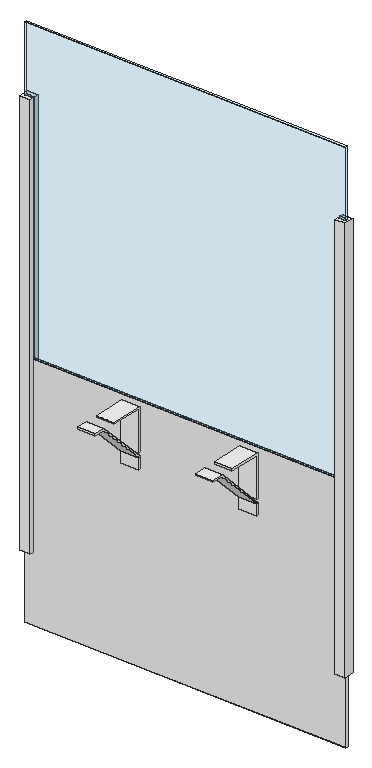
Revit family "Screens-Mounted-JNSEGW-Glass_Elevated-R2015", category Furniture, Revit 2015
Parameters (values of type "Worksurface Only")
  Width [instance] = 24.000"
  Warranty = "http://www.teknion.com/ca/papers/legal-canada"
  Unit Weight URL = "http://www.teknion.com/ca/tools/assets#&asset=bee6a381-b954-425e-8283-5a2de3a804f2,f828d448-4b62-4231-9e5f-9a8991c0ed77"
  URL = "www.teknion.com"
  Sustainability Data = "http://www.teknion.com/ca/tools/assets#&topic=216f99a5-57a0-44fc-b10a-9dee9b29ae4c&asset=444deb64-fe58-4b68-981e-f75e97781df7"
  Series = "Expansion Cityline"  # constant formula
  Right Width Extension Offset [instance] = if([Has One Side - Right Width Extension], 0.750", 0.000")  # 0.000"
  Product Page URL = "http://www.teknion.com/ca/products/product-details?productlineid=9ad2a26e-8e7a-673b-a6c8-ff05004460c4"
  Product Line = "Expansion Cityline"  # constant formula
  Product Documentation Link = "http://www.teknion.com/pricing/expansion-cityline/pdfs/JNSEGW_ppg.pdf"
  Part Number = "JNSEGW"  # constant formula
  Note [instance] = "When Widths 24, 27, 30, 33, 36, 39, 42, 45, 51, 57, 63, 69, 75 and 81 inches are specified, (B) Width Extension for Corner Application is not available. When (L) Support Connection on Left and (R) Support Connection on Right Mounting Styles are specified, Widths 24, 27, 30, 33, 36, 39, 45, 51, 57, 63, 69, 75 and 81 inches are not available."  # constant formula
  Modesty Panel Finish [instance] = Back-painted Glass - K7 - Teknion - Very White
  Model = "JNSEGWW10"
  Manufacturer Phone = "416-661-3370"  # constant formula
  Manufacturer Fax = "416.661.4586"  # constant formula
  Manufacturer Contact Information = "http://www.teknion.com/ca/contactus"
  Manufacturer Address = "1150 Flint Road, Toronto, ON. M3J 2J5. Canada"  # constant formula
  Manufacturer = "Teknion"  # constant formula
  Left Width Extension Offset [instance] = if([Has One Side - Left Width Extension], 0.750", 0.000")  # 0.750"
  Height [instance] = 51.000"
  Has One Side - Right Width Extension [instance] = no
  Has One Side - Left Width Extension [instance] = yes
  Hardware Finish [instance] = Mica - Teknion - V - Satin - Very White
  Glass Finish [instance] = Glass
  Description = "Glass Elevated Screen – Worksurface-Mounted, Worksurface Only, 10\" from floor."
  Available Sizes [instance] = "Available Heights are 31, 42 and 51 inches. Widths are available in 24, 27, 30, 33, 36, 39, 42, 45, 48, 51, 54, 60, 63, 66, 69, 72, 75, 78, 81, and 84 inches. "  # constant formula
  Assembly Code = "E2020200"
  Actual Width [instance] = Width - 0.315"  # 23.685"
Reference planes (in)
  plane 1 "Center Front/Back": y = 0
  plane 2: z = 0
  plane 3 "Center Left/Right": x = 0
  plane 4 "Left": x = -11.8425
  plane 5 "Right": x = 11.8425
  plane 6 "Back": y = 0.11811
  plane 7 "Front": y = -0.11811
  plane 8 "Top": z = 51
  plane 9: x = 11.8425
  plane 10: x = -12.5925
  plane 11: z = 10
  plane 12: z = 28.17402
  plane 13: z = 15
  plane 14: z = 46
  plane 15: x = 5.16929
  plane 16: x = 3.83071
  plane 17: x = -3.83071
  plane 18: x = -5.16929
  plane 19: y = 0.07811
  plane 20: y = -0.07811
Forms (in)
  Extrusion 1, solid, material "Paint-Teknion-White"
    sketch origin (0, 0, 0) x (1, 0, 0) y (0, 1, 0)
      loop
        line (-12.5925, -0.07811) -> (11.8425, -0.07811) -> (11.8425, 0.07811) -> (-12.5925, 0.07811) -> (-12.5925, -0.07811)
    from 10 to 28.17402
  Extrusion 2, solid, material "Glass" <- "Glass Finish"
    sketch origin (0, 0, 18.17402) x (1, 0, 0) y (0, 1, 0)
      loop
        line (-12.5925, -0.11811) -> (11.8425, -0.11811) -> (11.8425, 0.11811) -> (-12.5925, 0.11811) -> (-12.5925, -0.11811)
    from 10 to 32.82598
  Extrusion 3, solid, material "Mica - Teknion - V - Satin - Very White" <- "Hardware Finish"
    sketch origin (-24.75, -180, 15) x (-1, 0, 0) y (0, -1, 0)
      loop
        line (-12.75, -180.11811) -> (-12.75, -180.375) -> (-12, -180.375) -> (-12, -179.625) -> (-12.75, -179.625) -> (-12.75, -179.88189) -> (-12.1575, -179.88189) -> (-12.1575, -180.11811) -> (-12.75, -180.11811)
    from 31 to 0
  Extrusion 4, solid, material "Mica - Teknion - V - Satin - Very White" <- "Hardware Finish"
    sketch origin (-24.75, -180, 15) x (-1, 0, 0) y (0, -1, 0)
      loop
        line (-36.75, -180.375) -> (-36, -180.375) -> (-36, -180.11811) -> (-36.5925, -180.11811) -> (-36.5925, -179.88189) -> (-36, -179.88189) -> (-36, -179.625) -> (-36.75, -179.625) -> (-36.75, -180.375)
    from 0 to 31
  Extrusion 5, solid, material "Mica - Teknion - V - Satin - Very White" <- "Hardware Finish"
    sketch origin (-5.16929, -0.11811, 48) x (0, 1, 0) y (0, 0, 1)
      loop
        line (-0.11811, -23.61979) -> (-0.11811, -24.43701) -> (0, -24.43701) -> (0, -23.57087) -> (-3.38189, -20.18898) -> (-4.24803, -20.18898) -> (-4.24803, -20.30709) -> (-3.43081, -20.30709) -> (-0.11811, -23.61979)
      loop
        line (-0.11811, -20.30709) -> (-0.11811, -23.29528) -> (0, -23.29528) -> (0, -20.18898) -> (-2.44094, -20.18898) -> (-2.44094, -20.30709) -> (-0.11811, -20.30709)
    from 0 to 1.33858
  Extrusion 6, solid, material "Mica - Teknion - V - Satin - Very White" <- "Hardware Finish"
    sketch origin (17.16929, -0.11811, 48) x (0, 1, 0) y (0, 0, -1)
      loop
        line (-0.11811, 23.61979) -> (-3.43081, 20.30709) -> (-4.24803, 20.30709) -> (-4.24803, 20.18898) -> (-3.38189, 20.18898) -> (0, 23.57087) -> (0, 24.43701) -> (-0.11811, 24.43701) -> (-0.11811, 23.61979)
      loop
        line (-0.11811, 20.30709) -> (-2.44094, 20.30709) -> (-2.44094, 20.18898) -> (0, 20.18898) -> (0, 23.29528) -> (-0.11811, 23.29528) -> (-0.11811, 20.30709)
    from 12 to 13.33858
  Extrusion 7, solid, material "Back-painted Glass - K7 - Teknion - Very White" <- "Modesty Panel Finish"
    sketch origin (0, 0.04781, 0) x (1, 0, 0) y (0, 1, 0)
      loop
        line (-12.5925, 0.0303) -> (11.8425, 0.0303) -> (11.8425, 0.0703) -> (-12.5925, 0.0703) -> (-12.5925, 0.0303)
    from 10 to 28.17402
  Extrusion 8, solid, material "Back-painted Glass - K7 - Teknion - Very White" <- "Modesty Panel Finish"
    sketch origin (0, -0.04781, 0) x (1, 0, 0) y (0, 1, 0)
      loop
        line (-12.5925, -0.0303) -> (-12.5925, -0.0703) -> (11.8425, -0.0703) -> (11.8425, -0.0303) -> (-12.5925, -0.0303)
    from 10 to 28.17402
Lines and regions (in)
  Masking region 1
    outline origin (-24.75, -180, 15) x (-1, 0, 0) y (0, -1, 0)
      loop
        line (-36.5925, -180.11811) -> (-12.1575, -180.11811) -> (-12.1575, -179.88189) -> (-36.5925, -179.88189) -> (-36.5925, -180.11811)
  Masking region 2
    outline origin (-24.75, -180, 15) x (-1, 0, 0) y (0, -1, 0)
      loop
        line (-12.75, -180.375) -> (-12, -180.375) -> (-12, -179.625) -> (-12.75, -179.625) -> (-12.75, -179.88189) -> (-12.1575, -179.88189) -> (-12.1575, -180.11811) -> (-12.75, -180.11811) -> (-12.75, -180.375)
  Masking region 3
    outline origin (-24.75, -180, 15) x (-1, 0, 0) y (0, -1, 0)
      loop
        line (-36, -179.625) -> (-36.75, -179.625) -> (-36.75, -180.375) -> (-36, -180.375) -> (-36, -180.11811) -> (-36.5925, -180.11811) -> (-36.5925, -179.88189) -> (-36, -179.88189) -> (-36, -179.625)
  symbolic lines, style "FurnitureHiddenLines", detail levels medium+fine
    curve 1: line (-3.83071, -4.36614, 15) -> (-3.83071, -0.11811, 15)
    curve 2: line (-5.16929, -4.36614, 15) -> (-3.83071, -4.36614, 15)
    curve 3: line (-5.16929, -0.11811, 15) -> (-5.16929, -4.36614, 15)
    curve 4: line (5.16929, -4.36614, 15) -> (5.16929, -0.11811, 15)
    curve 5: line (3.83071, -4.36614, 15) -> (5.16929, -4.36614, 15)
    curve 6: line (3.83071, -0.11811, 15) -> (3.83071, -4.36614, 15)
  symbolic lines, style "FurnitureHiddenLines", detail levels fine
    curve 7: line (-5.16929, -2.55906, 15) -> (-3.83071, -2.55906, 15)
    curve 8: line (-5.16929, -3.5, 15) -> (-3.83071, -3.5, 15)
    curve 9: line (-3.83071, -3.54892, 15) -> (-5.16929, -3.54892, 15)
    curve 10: line (3.83071, -2.55906, 15) -> (5.16929, -2.55906, 15)
    curve 11: line (3.83071, -3.5, 15) -> (5.16929, -3.5, 15)
    curve 12: line (5.16929, -3.54892, 15) -> (3.83071, -3.54892, 15)
Dimensions and locks (in)
  "Actual Width": plane 4 "Left" to plane 5 "Right"
  locked: plane 6 "Back" to plane 7 "Front" at 0.23622
  "Height": plane 8 "Top" to level
  equal spacing: plane 4 "Left", plane 3 "Center Left/Right", plane 5 "Right"
  equal spacing: plane 6 "Back", plane 1 "Center Front/Back", plane 7 "Front"
  "Right Width Extension Offset": plane 5 "Right" to plane 9
  "Left Width Extension Offset": plane 10 to plane 4 "Left"
  locked: plane 11 to plane 2 at 10
  locked: plane 12 to plane 11 at 18.17402
  locked: plane 13 to plane 11 at 5
  locked: plane 8 "Top" to plane 14 at 5
  Extrusion 3 sketch curve to plane 10 to Extrusion 3 sketch curve to Extrusion 3 sketch curve = 0.1575" locked, 0.5925" locked, 0.000" locked
  Extrusion 3 sketch curve to plane 1 "Center Front/Back" to Extrusion 3 sketch curve = 0.375" locked, 0.375" locked
  Extrusion 4 sketch curve to Extrusion 4 sketch curve to plane 9 to Extrusion 4 sketch curve = 0.000" locked, 0.5925" locked, 0.1575" locked
  Extrusion 4 sketch curve to plane 1 "Center Front/Back" to Extrusion 4 sketch curve = 0.375" locked, 0.375" locked
  plane 4 "Left" to plane 18 to plane 17 = 6.67321" locked, 1.33858" locked
  plane 16 to plane 15 to plane 5 "Right" = 1.33858" locked, 6.67321" locked
  plane 7 "Front" to Extrusion 5 sketch curve to Extrusion 5 sketch curve to Extrusion 5 sketch curve to Extrusion 5 sketch curve = 2.44094" locked, 0.94094" locked, 0.04892" locked, 0.81722" locked
  plane 12 to Extrusion 5 sketch curve to Extrusion 5 sketch curve to Extrusion 5 sketch curve to Extrusion 5 sketch curve to Extrusion 5 sketch curve to Extrusion 5 sketch curve = 0.36299" locked, 0.000" locked, 0.11811" locked, 0.000" locked, 2.98819" locked, 1.14173" locked
  plane 7 "Front" to Extrusion 6 sketch curve to Extrusion 6 sketch curve to Extrusion 6 sketch curve to Extrusion 6 sketch curve = 2.44094" locked, 0.94094" locked, 0.04892" locked, 0.81722" locked
  Extrusion 6 sketch curve to Extrusion 6 sketch curve to Extrusion 6 sketch curve to Extrusion 6 sketch curve to Extrusion 6 sketch curve to Extrusion 6 sketch curve to plane 12 = 1.14173" locked, 2.98819" locked, 0.000" locked, 0.11811" locked, 0.000" locked, 0.36299" locked
  locked: plane 7 "Front" to plane 20 at 0.04
  locked: plane 6 "Back" to plane 19 at 0.04
  aligned and locked: level to plane 2
  aligned and locked: plane 10 to Extrusion 1 sketch curve
  aligned and locked: Extrusion 1 sketch curve to plane 9
  aligned and locked: plane 11 to Extrusion 1
  aligned and locked: plane 12 to Extrusion 1
  aligned and locked: plane 8 "Top" to Extrusion 2
  aligned and locked: Extrusion 2 to plane 12
  aligned and locked: plane 10 to Extrusion 2
  aligned and locked: plane 9 to Extrusion 2
  aligned and locked: plane 6 "Back" to Extrusion 2
  aligned and locked: plane 7 "Front" to Extrusion 2
  aligned and locked: Extrusion 3 sketch curve to plane 6 "Back"
  aligned and locked: Extrusion 3 sketch curve to plane 10
  aligned and locked: Extrusion 3 sketch curve to plane 7 "Front"
  aligned and locked: plane 14 to Extrusion 3
  aligned and locked: Extrusion 3 to plane 13
  aligned and locked: Extrusion 4 sketch curve to plane 6 "Back"
  aligned and locked: Extrusion 4 sketch curve to plane 9
  aligned and locked: Extrusion 4 sketch curve to plane 7 "Front"
  aligned and locked: Extrusion 4 to plane 13
  aligned and locked: plane 14 to Extrusion 4
  aligned and locked: Extrusion 5 sketch curve to plane 7 "Front"  (x2)
  aligned and locked: Extrusion 5 to plane 18
  aligned and locked: plane 17 to Extrusion 5
  aligned and locked: Extrusion 6 to plane 16
  aligned and locked: plane 15 to Extrusion 6
  aligned and locked: Extrusion 1 sketch curve to plane 19
  aligned and locked: Extrusion 1 sketch curve to plane 20
  aligned and locked: Extrusion 7 to plane 19
  aligned and locked: plane 6 "Back" to Extrusion 7
  aligned and locked: Extrusion 7 to plane 10
  aligned and locked: plane 9 to Extrusion 7
  aligned and locked: plane 10 to Extrusion 8
  aligned and locked: plane 7 "Front" to Extrusion 8
  aligned and locked: plane 20 to Extrusion 8
  aligned and locked: Extrusion 8 to plane 9
  aligned and locked: plane 11 to Extrusion 8
  aligned and locked: plane 11 to Extrusion 7
  aligned and locked: plane 12 to Extrusion 8
  aligned and locked: plane 12 to Extrusion 7
  aligned and locked: Masking region 1 sketch curve to plane 9
  aligned and locked: Masking region 1 sketch curve to plane 6 "Back"
  aligned and locked: plane 7 "Front" to Masking region 1 sketch curve
  aligned and locked: Masking region 1 sketch curve to plane 10
  aligned and locked: Masking region 2 sketch curve to Extrusion 3  (x8)
  aligned and locked: curve 1 to Extrusion 5
  aligned and locked: curve 2 to Extrusion 5
  aligned and locked: curve 3 to Extrusion 5
  aligned and locked: curve 4 to Extrusion 6
  aligned and locked: curve 5 to Extrusion 6
  aligned and locked: curve 6 to Extrusion 6
  aligned and locked: curve 7 to Extrusion 5
  aligned and locked: curve 8 to Extrusion 5
  aligned and locked: curve 9 to Extrusion 5
  aligned and locked: curve 10 to Extrusion 6
  aligned and locked: curve 11 to Extrusion 6
  aligned and locked: curve 12 to Extrusion 6
  aligned and locked: Masking region 3 sketch curve to Extrusion 4  (x8)
Automatic sketch dimensions
  Extrusion 2 sketch curve to plane 4 "Left" = 0.750"
  Extrusion 2 sketch curve to plane 5 "Right" = 0.000"
  plane 7 "Front" to Extrusion 2 sketch curve = 0.000"
  Extrusion 2 sketch curve to plane 6 "Back" = 0.000"
  Extrusion 5 sketch curve to Extrusion 5 sketch curve = 0.11811"
  plane 7 "Front" to Extrusion 5 sketch curve = 0.11811"
  Extrusion 5 sketch curve to Extrusion 5 sketch curve = 0.32451"
  Extrusion 5 sketch curve to Extrusion 5 sketch curve = 0.04892"
  Extrusion 6 sketch curve to plane 7 "Front" = 0.000"  (x2)
  Extrusion 6 sketch curve to Extrusion 6 sketch curve = 0.11811"
  plane 7 "Front" to Extrusion 6 sketch curve = 0.11811"
  Extrusion 6 sketch curve to Extrusion 6 sketch curve = 0.27559"
  Extrusion 6 sketch curve to Extrusion 6 sketch curve = 0.04892"
  Extrusion 7 sketch curve to plane 4 "Left" = 0.750"
  Extrusion 7 sketch curve to plane 5 "Right" = 0.000"
  plane 19 to Extrusion 7 sketch curve = 0.000"
  Extrusion 7 sketch curve to plane 6 "Back" = 0.000"
  plane 4 "Left" to Extrusion 8 sketch curve = 0.750"
  plane 5 "Right" to Extrusion 8 sketch curve = 0.000"
  Extrusion 8 sketch curve to plane 20 = 0.000"
  plane 7 "Front" to Extrusion 8 sketch curve = 0.000"
  plane 7 "Front" to curve 1 = 0.000"
  plane 7 "Front" to curve 3 = 0.000"
  plane 7 "Front" to curve 4 = 0.000"
  plane 7 "Front" to curve 6 = 0.000"
